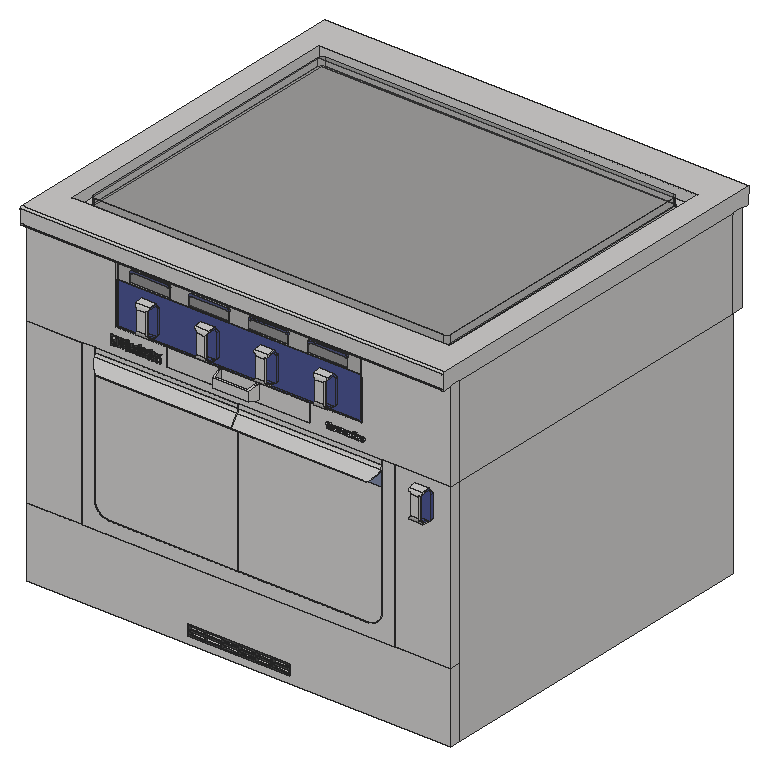
Revit family "QF_ELECTROLUXPROFESSIONAL_589704_MCLQFAJ4AO", category Attrezzature speciali, Revit 2020
Family settings
  Quota connettore circolare = Usa diametro
  Tipo di parte = Normale
  Basato su piano di lavoro = No
  Sempre verticale = Sì
  Taglio con vuoti quando caricato = No
  Condiviso = No
  Punto di calcolo locali = No
Parameters (values of type "Standard")
  Weight = 193.00 kg
  Watts = 18300 W
  Volts = 400 V
  URL Manufacturer = "https://www.electroluxprofessional.com/"
  URL = "https://www.electroluxprofessional.com/"
  Steam Supply Size = 0"
  Steam Supply Minimum Pressure = 0.00 psi
  Steam Supply Maximum Pressure = 0.00 psi
  Steam Consumption per Hour = 0
  Refrigeration Suction Line Size = 0 mm
  Refrigeration Liquid Line Size = 0 mm
  Refrigerant Compressor Remote = yes
  Prospetto di default = 0 mm
  Phase = 3
  Modello = "MCLQFAJ4AO"
  Produttore = "Electrolux Professional"
  Length Actual = 1000 mm  # constant formula
  Item Number = "589704"
  Hot Water Size = 0"
  Height Actual = 800 mm  # constant formula
  HP = "24.5 HP"
  Gas Size = 0"
  Gas KW = 0
  Gas Input Pressure = 0.0 Btu/h
  Direct Waste Size = 0"
  Descrizione = "EL.SOLID T,ECO,WARM.CAB.1S,1000X900X800H"
  Depth Actual = 900 mm  # constant formula
  Cycle = 50 Hz
  Condensate Return Size = 0"
  Compressed Air Volume = 0 GPM
  Compressed Air Size = 0"
  Compressed Air Pressure = 0.00 psi
  Cold Water Size = 0"
  Accessory = yes
Reference planes
  plane 1 "BACK": y = 0
  plane 2: z = 0
  plane 3 "LEFT": x = -100
  plane 4 "RIGHT": x = 900
  plane 5 "FRONT": y = -900
  plane 6 "TOP": z = 900
  plane 7 "Center (Left/Right)": x = 400
  plane 8: y = -450
  plane 9: z = 100
  plane 10: y = -150
  plane 11 "Panel": y = -855
  plane 12: z = 798
  plane 13: z = 1327
  plane 14: x = -22
  plane 15: x = 822
  plane 16: y = -150
  plane 17: y = -650
  plane 18 "EIx": x = 855
  plane 19 "EIy": y = -685
  plane 20: y = -880
  plane 21: z = 938
Forms (mm)
  Extrusion 1, solid, material "QF_Finishes_Stainless Steel"
    sketch origin (-178.969, -4572, 100) x (-1, 0, 0) y (0, -1, 0)
      loop
        line (-78.969, -4527) -> (-78.969, -3717) -> (-1078.969, -3717) -> (-1078.969, -4527) -> (-78.969, -4527)
    from 549.969 to 762.969
  Extrusion 2, solid, material "QF_Finishes_Stainless Steel"
    sketch origin (-100, 0, -100) x (0, 1, 0) y (0, 0, 1)
      loop
        line (-855, 200) -> (-855, 365) -> (-880, 365) -> (-880, 200) -> (-855, 200)
    from 0 to 1000
  Extrusion 3, solid, material "QF_Finishes_Stainless Steel"
    sketch origin (-488.969, -4662, 100) x (-1, 0, 0) y (0, -1, 0)
      loop
        circle (-1343.969, -3977) r 6.35
    from 0 to -11.851
  Extrusion 4, solid, material "QF_Finishes_Stainless Steel"
    sketch origin (400, 296.4, 1219.2) x (0, 1, 0) y (0, 0, 1)
      loop
        line (-296.4, -319.2) -> (-1191.4, -319.2)
        arc (-1191.4, -319.2) -> (-1194.935, -320.664) -> (-1196.4, -324.2) r 5
        line (-1196.4, -324.2) -> (-1196.4, -355.2)
        arc (-1196.4, -355.2) -> (-1194.971, -358.264) -> (-1191.705, -359.139) r 4
        line (-1191.705, -359.139) -> (-1176.4, -356.231) -> (-316.4, -356.231) -> (-301.094, -359.139)
        arc (-301.094, -359.139) -> (-297.829, -358.264) -> (-296.4, -355.2) r 4
        line (-296.4, -355.2) -> (-296.4, -319.2)
    from -500 to 500
  Extrusion 5, solid, material "QF_Finishes_Electrolux_Black Smoke Iluminated"
    sketch origin (0, 0, 900) x (-1, 0, 0) y (0, -1, 0)
      loop
        arc (12, 109) -> (19.071, 111.929) -> (22, 119) r 10
        line (22, 119) -> (22, 780)
        arc (22, 780) -> (19.071, 787.071) -> (12, 790) r 10
        line (12, 790) -> (-812, 790)
        arc (-812, 790) -> (-819.071, 787.071) -> (-822, 780) r 10
        line (-822, 780) -> (-822, 119)
        arc (-822, 119) -> (-819.071, 111.929) -> (-812, 109) r 10
        line (-812, 109) -> (12, 109)
    from 0 to -20
  Extrusion 6, solid, material "QF_Finishes_Stainless Steel"
    sketch origin (-178.969, -4572, 100) x (-1, 0, 0) y (0, -1, 0)
      loop
        line (-78.969, -4527) -> (-78.969, -3717) -> (-1078.969, -3717) -> (-1078.969, -4527) -> (-78.969, -4527)
    from 549.969 to 0
  Extrusion 7, void
    sketch origin (0, -855, -100) x (-1, 0, 0) y (0, 0, 1)
      loop
        line (-520, 216.594) -> (-280, 216.594) -> (-280, 241.594) -> (-520, 241.594) -> (-520, 216.594)
    from 0 to -25
  Extrusion 8, solid, material "QF_Finishes_Black"
    sketch origin (0, -855, -100) x (-1, 0, 0) y (0, 0, 1)
      loop
        line (-280, 241.594) -> (-520, 241.594) -> (-520, 216.594) -> (-280, 216.594) -> (-280, 241.594)
      loop
        line (-282, 239.594) -> (-319.131, 239.594) -> (-319.131, 230.094) -> (-282, 230.094) -> (-282, 239.594)
      loop
        line (-282, 218.594) -> (-282, 228.094) -> (-319.131, 228.094) -> (-319.131, 218.594) -> (-282, 218.594)
      loop
        line (-321.131, 239.594) -> (-359.066, 239.594) -> (-359.066, 230.094) -> (-321.131, 230.094) -> (-321.131, 239.594)
      loop
        line (-399, 239.594) -> (-399, 230.094) -> (-361.066, 230.094) -> (-361.066, 239.594) -> (-399, 239.594)
      loop
        line (-401, 239.594) -> (-438.934, 239.594) -> (-438.934, 230.094) -> (-401, 230.094) -> (-401, 239.594)
      loop
        line (-359.066, 218.594) -> (-321.131, 218.594) -> (-321.131, 228.094) -> (-359.066, 228.094) -> (-359.066, 218.594)
      loop
        line (-361.066, 218.594) -> (-361.066, 228.094) -> (-399, 228.094) -> (-399, 218.594) -> (-361.066, 218.594)
      loop
        line (-401, 228.094) -> (-438.934, 228.094) -> (-438.934, 218.594) -> (-401, 218.594) -> (-401, 228.094)
      loop
        line (-518, 239.594) -> (-518, 230.094) -> (-480.869, 230.094) -> (-480.869, 239.594) -> (-518, 239.594)
      loop
        line (-518, 218.594) -> (-480.869, 218.594) -> (-480.869, 228.094) -> (-518, 228.094) -> (-518, 218.594)
      loop
        line (-478.869, 239.594) -> (-478.869, 230.094) -> (-440.934, 230.094) -> (-440.934, 239.594) -> (-478.869, 239.594)
      loop
        line (-440.934, 218.594) -> (-440.934, 228.094) -> (-478.869, 228.094) -> (-478.869, 218.594) -> (-440.934, 218.594)
    from -25.03 to -20
  Extrusion 9, void
    sketch origin (0, 0, 900) x (-1, 0, 0) y (0, -1, 0)
      loop
        line (47, 815) -> (-847, 815) -> (-847, 84) -> (47, 84) -> (47, 815)
    from 0 to -25
  Extrusion 10, solid, material "QF_Finishes_Stainless Steel"
    sketch origin (0, 0, 900) x (-1, 0, 0) y (0, -1, 0)
      loop
        line (18, 113) -> (18, 786) -> (-818, 786) -> (-818, 113) -> (18, 113)
    from -20 to -25
  Extrusion 11, solid, material "QF_Finishes_Stainless Steel"
    sketch origin (400, 296.4, 1219.169) x (0, 1, 0) y (0, 0, 1)
      loop
        line (-341.4, -356.2) -> (-341.4, -569.2) -> (-316.4, -569.2) -> (-316.4, -356.2) -> (-341.4, -356.2)
    from -500 to 500
  Extrusion 12, solid, material "QF_Finishes_Stainless Steel"
    sketch origin (0, -900, 0) x (1, 0, 0) y (0, 0, 1)
      loop
        line (-100, 649.969) -> (-100, 265) -> (30, 265) -> (30, 649.969) -> (-100, 649.969)
      loop
        line (900, 650) -> (770, 650) -> (770, 265) -> (900, 265) -> (900, 650)
    from -45 to -20
  Extrusion 13, solid, material "QF_Finishes_Stainless Steel"
    sketch origin (0, -900, 0) x (1, 0, 0) y (0, 0, 1)
      loop
        line (32, 265) -> (768, 265) -> (768, 650) -> (740, 650) -> (740, 327)
        arc (740, 327) -> (730.627, 304.373) -> (708, 295) r 32
        line (708, 295) -> (92, 295)
        arc (92, 295) -> (69.373, 304.373) -> (60, 327) r 32
        line (60, 327) -> (60, 649.969) -> (32, 649.969) -> (32, 265)
    from -45 to -20
Cuts and joins
  Extrusion 7 cuts Extrusion 6
  Extrusion 7 cuts Extrusion 2
  Extrusion 9 cuts Extrusion 4
Lines and regions (mm)
  symbolic lines
    curve 1: line (-100, 0, 100) -> (900, 0, 100)
    curve 2: line (-100, -900, 100) -> (-100, 0, 100)
    curve 3: line (900, -900, 100) -> (-100, -900, 100)
    curve 4: line (900, 0, 100) -> (900, -900, 100)
    curve 5: line (812, -109, 100) -> (-12, -109, 100)
    curve 6: line (-22, -119, 100) -> (-22, -780, 100)
    curve 7: line (-12, -790, 100) -> (812, -790, 100)
    curve 8: line (822, -780, 100) -> (822, -119, 100)
    curve 9: arc (-12, -109, 100) -> (-19.071, -111.929, 100) -> (-22, -119, 100) r 10
    curve 10: arc (822, -119, 100) -> (819.071, -111.929, 100) -> (812, -109, 100) r 10
    curve 11: arc (812, -790, 100) -> (819.071, -787.071, 100) -> (822, -780, 100) r 10
    curve 12: arc (-22, -780, 100) -> (-19.071, -787.071, 100) -> (-12, -790, 100) r 10
    curve 13: line (847, -84, 900) -> (-47, -84, 900)
    curve 14: line (-47, -84, 900) -> (-47, -815, 900)
    curve 15: line (847, -815, 900) -> (847, -84, 900)
    curve 16: line (-47, -815, 900) -> (847, -815, 900)
  model lines, style "SpecialityEquipment"
    curve 17: arc (634, -211, 900) -> (580.967, -339.033, 900) -> (709, -286, 900) r 75
    curve 18: line (689, -286, 900) -> (729, -286, 900)
    curve 19: line (729, -286, 900) -> (709, -266, 900)
    curve 20: line (689, -286, 900) -> (709, -266, 900)
    curve 21: arc (166, -211, 900) -> (112.967, -339.033, 900) -> (241, -286, 900) r 75
    curve 22: line (221, -286, 900) -> (261, -286, 900)
    curve 23: line (261, -286, 900) -> (241, -266, 900)
    curve 24: line (221, -286, 900) -> (241, -266, 900)
    curve 25: arc (634, -539, 900) -> (580.967, -667.033, 900) -> (709, -614, 900) r 75
    curve 26: line (689, -614, 900) -> (729, -614, 900)
    curve 27: line (729, -614, 900) -> (709, -594, 900)
    curve 28: line (689, -614, 900) -> (709, -594, 900)
    curve 29: arc (166, -539, 900) -> (112.967, -667.033, 900) -> (241, -614, 900) r 75
    curve 30: line (221, -614, 900) -> (261, -614, 900)
    curve 31: line (261, -614, 900) -> (241, -594, 900)
    curve 32: line (221, -614, 900) -> (241, -594, 900)
  symbolic lines, style "SpecialityEquipment"
    curve 33: line (-100, -2, 0) -> (900, -2, 0)
Dimensions and locks
  plane 3 "LEFT" to plane 4 "RIGHT" = 1000 mm
  plane 5 "FRONT" to plane 1 "BACK" = 900 mm
  plane 3 "LEFT" to plane 7 "Center (Left/Right)" to plane 4 "RIGHT" = 500 mm, 500 mm
  equal spacing: plane 5 "FRONT", plane 8, plane 1 "BACK"
  plane 6 "TOP" to level = 900 mm  (x2)
  plane 9 to level = 100 mm
  plane 1 "BACK" to plane 10 to plane 11 "Panel" = 150 mm, 705 mm  (x2)
  plane 6 "TOP" to plane 9 to level = 800 mm, 100 mm
  plane 1 "BACK" to plane 5 "FRONT" = 900 mm
  plane 1 "BACK" to Extrusion 3 = 685 mm
  plane 12 to plane 9 = 698 mm
  plane 13 to plane 6 "TOP" = 427 mm
  plane 6 "TOP" to plane 12 = 102 mm
  plane 14 to plane 3 "LEFT" = 78 mm
  plane 15 to plane 4 "RIGHT" = 78 mm
  locked: plane 1 "BACK" to plane 16 at 150
  locked: plane 16 to plane 17 at 500
  plane 11 "Panel" to plane 5 "FRONT" = 45 mm
  plane 18 "EIx" to plane 4 "RIGHT" = 45 mm
  plane 19 "EIy" to plane 1 "BACK" = 685 mm
  locked: plane 11 "Panel" to plane 20 at 25
  plane 21 to plane 6 "TOP" = 38 mm
  aligned and locked: level to plane 2
  aligned and locked: Extrusion 2 to plane 4 "RIGHT"
  aligned and locked: cut or joined group of Extrusion 4, Extrusion 9 to plane 3 "LEFT"
  aligned and locked: cut or joined group of Extrusion 4, Extrusion 9 to plane 4 "RIGHT"
  aligned and locked: cut or joined group of Extrusion 6, Extrusion 7 to plane 4 "RIGHT"
  aligned and locked: cut or joined group of Extrusion 6, Extrusion 7 to plane 3 "LEFT"
  aligned and locked: nested 2 to plane 11 "Panel"
  aligned and locked: Extrusion 1 to plane 11 "Panel"
  aligned and locked: plane 11 "Panel" to cut or joined group of Extrusion 2, Extrusion 7
  aligned and locked: nested 1 to plane 20
  aligned and locked: Extrusion 11 to plane 4 "RIGHT"
  aligned and locked: Extrusion 1 to plane 3 "LEFT"
  aligned and locked: Extrusion 11 to plane 3 "LEFT"
  aligned and locked: Extrusion 1 to plane 4 "RIGHT"
  aligned and locked: plane 7 "Center (Left/Right)" to nested 3
  aligned and locked: Extrusion 12 to nested 2
  aligned and locked: plane 20 to Extrusion 12
  aligned and locked: plane 11 "Panel" to Extrusion 13
  aligned and locked: plane 20 to Extrusion 13
Automatic sketch dimensions
  curve 33 to plane 3 "LEFT" = 0 mm
  curve 33 to plane 4 "RIGHT" = 0 mm
  plane 1 "BACK" to curve 33 = 2 mm
  Extrusion 1 sketch curve to plane 4 "RIGHT" = 0 mm
  Extrusion 1 sketch curve to plane 3 "LEFT" = 0 mm
  Extrusion 1 sketch curve to plane 11 "Panel" = 0 mm
  plane 1 "BACK" to Extrusion 1 sketch curve = 45 mm
  Extrusion 2 sketch curve to plane 9 = 0 mm
  Extrusion 2 sketch curve to plane 20 = 0 mm
  Extrusion 2 sketch curve to plane 11 "Panel" = 0 mm
  plane 9 to Extrusion 2 sketch curve = 165 mm
  plane 1 "BACK" to curve 1 = 0 mm
  curve 1 to plane 4 "RIGHT" = 0 mm
  curve 8 to plane 15 = 0 mm
  curve 6 to plane 14 = 0 mm
  curve 2 to plane 3 "LEFT" = 0 mm
  plane 5 "FRONT" to curve 3 = 0 mm
  plane 15 to curve 5 = 10 mm
  plane 15 to curve 11 = 10 mm
  curve 5 to plane 14 = 10 mm
  curve 12 to curve 12 = 10 mm
  plane 10 to curve 5 = 41 mm
  plane 11 "Panel" to curve 11 = 75 mm
  Extrusion 3 sketch curve to plane 18 "EIx" = 0 mm
  Extrusion 3 sketch curve to plane 19 "EIy" = 0 mm
  Extrusion 4 sketch curve to plane 5 "FRONT" = 0 mm
  Extrusion 4 sketch curve to plane 6 "TOP" = 0 mm
  Extrusion 4 sketch curve to plane 20 = 0 mm
  Extrusion 4 sketch curve to plane 1 "BACK" = 0 mm
  Extrusion 4 sketch curve to Extrusion 4 sketch curve = 4 mm
  Extrusion 4 sketch curve to Extrusion 4 sketch curve = 0.695 mm
  Extrusion 4 sketch curve to plane 5 "FRONT" = 5 mm
  plane 1 "BACK" to Extrusion 4 sketch curve = 20 mm
  plane 1 "BACK" to Extrusion 4 sketch curve = 4.695 mm
  plane 1 "BACK" to Extrusion 4 sketch curve = 4 mm
  Extrusion 4 sketch curve to Extrusion 4 sketch curve = 31 mm
  Extrusion 4 sketch curve to Extrusion 4 sketch curve = 36 mm
  Extrusion 4 sketch curve to Extrusion 4 sketch curve = 2.909 mm
  Extrusion 5 sketch curve to plane 15 = 0 mm
  Extrusion 5 sketch curve to plane 14 = 0 mm
  plane 15 to Extrusion 5 sketch curve = 10 mm  (x2)
  Extrusion 5 sketch curve to Extrusion 5 sketch curve = 10 mm  (x2)
  plane 10 to Extrusion 5 sketch curve = 41 mm
  plane 11 "Panel" to Extrusion 5 sketch curve = 75 mm
  Extrusion 6 sketch curve to plane 4 "RIGHT" = 0 mm
  Extrusion 6 sketch curve to plane 3 "LEFT" = 0 mm
  Extrusion 6 sketch curve to plane 11 "Panel" = 0 mm
  plane 1 "BACK" to Extrusion 6 sketch curve = 45 mm
  plane 9 to Extrusion 7 sketch curve = 41.594 mm
  plane 7 "Center (Left/Right)" to Extrusion 7 sketch curve = 120 mm
  Extrusion 7 sketch curve to plane 7 "Center (Left/Right)" = 120 mm
  plane 9 to Extrusion 7 sketch curve = 16.594 mm
  plane 9 to Extrusion 8 sketch curve = 41.594 mm
  plane 7 "Center (Left/Right)" to Extrusion 8 sketch curve = 120 mm
  Extrusion 8 sketch curve to Extrusion 8 sketch curve = 2 mm  (x15)
  Extrusion 8 sketch curve to Extrusion 8 sketch curve = 0 mm  (x16)
  Extrusion 8 sketch curve to Extrusion 8 sketch curve = 37.131 mm  (x2)
  Extrusion 8 sketch curve to Extrusion 8 sketch curve = 37.934 mm  (x3)
  plane 7 "Center (Left/Right)" to Extrusion 8 sketch curve = 1 mm  (x2)
  Extrusion 8 sketch curve to plane 7 "Center (Left/Right)" = 1 mm  (x2)
  plane 9 to Extrusion 8 sketch curve = 18.594 mm  (x4)
  Extrusion 8 sketch curve to Extrusion 8 sketch curve = 9.5 mm  (x6)
  plane 18 "EIx" to Extrusion 9 sketch curve = 8 mm
  plane 14 to Extrusion 9 sketch curve = 25 mm
  plane 10 to Extrusion 9 sketch curve = 66 mm
  plane 11 "Panel" to Extrusion 9 sketch curve = 40 mm
  plane 15 to Extrusion 10 sketch curve = 4 mm
  Extrusion 10 sketch curve to plane 14 = 4 mm
  plane 10 to Extrusion 10 sketch curve = 37 mm
  plane 11 "Panel" to Extrusion 10 sketch curve = 69 mm
  plane 18 "EIx" to curve 16 = 8 mm
  plane 15 to curve 19 = 93 mm
  curve 27 to plane 17 = 36 mm
  plane 15 to curve 27 = 93 mm
  curve 26 to curve 27 = 20 mm
  curve 18 to curve 20 = 20 mm
  curve 19 to curve 20 = 20 mm
  curve 28 to curve 26 = 20 mm
  curve 18 to curve 17 = 55 mm
  curve 26 to curve 25 = 55 mm
  curve 31 to plane 17 = 36 mm
  curve 31 to plane 7 "Center (Left/Right)" = 139 mm
  curve 23 to plane 7 "Center (Left/Right)" = 139 mm
  curve 22 to curve 24 = 20 mm
  curve 30 to curve 31 = 20 mm
  curve 32 to curve 32 = 20 mm
  curve 23 to curve 24 = 20 mm
  curve 22 to curve 21 = 55 mm
  curve 30 to curve 29 = 55 mm
  plane 14 to curve 14 = 25 mm
  curve 22 to plane 10 = 136 mm
  curve 18 to plane 10 = 136 mm
  plane 10 to curve 13 = 66 mm
  plane 11 "Panel" to curve 15 = 40 mm
  curve 25 to curve 26 = 20 mm
  curve 17 to curve 18 = 20 mm
  curve 29 to curve 30 = 20 mm
  curve 21 to curve 22 = 20 mm
  plane 1 "BACK" to Extrusion 11 sketch curve = 45 mm
  plane 1 "BACK" to Extrusion 11 sketch curve = 20 mm
  Extrusion 11 sketch curve to plane 12 = 148.031 mm
  Extrusion 11 sketch curve to plane 6 "TOP" = 37.031 mm
  Extrusion 12 sketch curve to plane 3 "LEFT" = 0 mm
  plane 4 "RIGHT" to Extrusion 12 sketch curve = 0 mm
  Extrusion 12 sketch curve to plane 14 = 52 mm
  plane 15 to Extrusion 12 sketch curve = 52 mm
  plane 9 to Extrusion 12 sketch curve = 165 mm  (x2)
  Extrusion 12 sketch curve to plane 12 = 148.031 mm
  Extrusion 12 sketch curve to plane 12 = 148 mm
  Extrusion 13 sketch curve to plane 14 = 54 mm
  Extrusion 13 sketch curve to Extrusion 13 sketch curve = 28 mm
  Extrusion 13 sketch curve to Extrusion 13 sketch curve = 32 mm  (x2)
  plane 15 to Extrusion 13 sketch curve = 114 mm
  plane 15 to Extrusion 13 sketch curve = 54 mm
  plane 9 to Extrusion 13 sketch curve = 165 mm
  Extrusion 13 sketch curve to Extrusion 13 sketch curve = 30 mm
  Extrusion 13 sketch curve to plane 12 = 148.031 mm
  Extrusion 13 sketch curve to plane 12 = 148 mm
  radius of Extrusion 3 sketch curve = 6.35 mm
Nested families
  nested 1: "FIT Range Control Handle" at (835, -883.137, -372.751), type "FIT Range Control Handle"
  nested 2: "Front_Panel_W1000_Four Knobs" at (102.376, -855, 0), type "Front_Panel_W1000_Four Knobs"
  nested 3: "H450H2W1000_2DOOR" at (363.958, -855, 200) x (1, 0, 0) z (0, -1, 0), type "H450H2W1000_2DOOR"
    with Width 680 mm, Wdoor 340 mm, Show Clearance yes
  nested 4: "Warm" at (900, -900, 0), type "Warm"
Connectors
  electrical at (855, -685, 88.149)
    settings: on Extrusion 3, index 1, voltage 400 V, apparent load 33000 VA, apparent load phase1 0 VA, apparent load phase2 0 VA, apparent load phase3 0 VA, power factor 1, load classification "Other", number of poles 1, system type 30, power factor state 1, is connector primary yes, connector utility no, sub classification motor no, connector description "ELECTRICAL CONNECTION"
Definition of nested family "FIT Range Control Handle"
  Parameters
    Default Elevation = 0 mm
  Reference planes
    plane 1 "Center (Front/Back)": y = 0
    plane 2: z = 0
    plane 3 "Center (Left/Right)": x = 0
    plane 4: z = 971.092
    plane 5: y = -16.8
  Forms (mm)
    Extrusion 1, solid
      sketch origin (-746.28, 380.497, 208.931) x (-1, 0, 0) y (0, 0, 1)
        loop
          line (-770.101, 786.798) -> (-770.101, 731.649)
          arc (-770.101, 731.649) -> (-769.759, 730.563) -> (-768.855, 729.87) r 1.893
          line (-768.855, 729.87) -> (-763.474, 727.911) -> (-729.81, 727.911) -> (-724.428, 729.87)
          arc (-724.428, 729.87) -> (-723.525, 730.563) -> (-723.183, 731.649) r 1.893
          line (-723.183, 731.649) -> (-723.183, 786.798)
          arc (-723.183, 786.798) -> (-723.529, 787.894) -> (-724.44, 788.593) r 1.91
          line (-724.44, 788.593) -> (-729.683, 790.819) -> (-763.601, 790.819) -> (-768.844, 788.593)
          arc (-768.844, 788.593) -> (-769.755, 787.894) -> (-770.101, 786.798) r 1.91
      from -382.35 to -378.852
    Sweep 2, solid
      path origin (-746.788, 380.496, 208.091) x (0, -1, 0) y (0, 0, 1)
        loop
          line (379.775, 793.281) -> (395.661, 791.048)
          arc (395.661, 791.048) -> (397.781, 787.377) -> (398.517, 783.202) r 12.207
          line (398.517, 783.202) -> (398.517, 737.368)
          arc (398.517, 737.368) -> (397.781, 733.193) -> (395.661, 729.522) r 12.207
          line (395.661, 729.522) -> (379.775, 727.289)
      profile origin (-746.788, -7.222, 1000.256) x (0, -0.139173, 0.990268) y (-1, 0, 0)
        loop
          line (0.782, -763.123) -> (0.782, -730.907) -> (-1.322, -730.907) -> (-1.322, -763.123) -> (0.782, -763.123)
    Sweep 3, solid
      path origin (-746.788, 380.715, 207.832) x (0, -1, 0) y (0, 0, 1)
        loop
          line (380.478, 795.442) -> (397.218, 793.09)
          arc (397.218, 793.09) -> (399.929, 788.473) -> (400.871, 783.202) r 15.207
          line (400.871, 783.202) -> (400.871, 737.584)
          arc (400.871, 737.584) -> (399.914, 732.274) -> (397.164, 727.633) r 15.207
          line (397.164, 727.633) -> (380.601, 725.305)
      profile origin (-746.788, -8.132, 1002.099) x (0, -0.139173, 0.990268) y (-1, 0, 0)
        loop
          line (0.782, -763.123) -> (0.782, -730.907) -> (-1.322, -730.907) -> (-1.322, -763.123) -> (0.782, -763.123)
    Extrusion 4, void
      sketch origin (889.253, 220.666, 207.993) x (1, 0, 0) y (0, 0, 1)
        loop
          line (-943.038, 816.854) -> (-943.038, 703.686) -> (-899.466, 734.196) -> (-899.466, 786.344) -> (-943.038, 816.854)
      from 230.636 to 242.25
    Extrusion 5, void
      sketch origin (-888.8, 220.666, 207.993) x (-1, 0, 0) y (0, 0, -1)
        loop
          line (-943.038, -816.854) -> (-899.466, -786.344) -> (-899.466, -734.196) -> (-943.038, -703.686) -> (-943.038, -816.854)
      from 230.636 to 242.25
    Extrusion 6, solid
      sketch origin (0, 0, 0) x (1, 0, 0) y (0, 0, 1)
        loop
          circle (0, 971.092) r 7.736
      from -3.137 to -1.645
  Cuts and joins
    Extrusion 4, Extrusion 5 cuts Sweep 3
    Extrusion 4, Extrusion 5 cuts Sweep 2
    joined: Extrusion 1, Extrusion 6
  Lines and regions (mm)
    symbolic lines
      curve 1: line (-15.881, -19.189, 0) -> (-15.881, -16.8, 0)
      curve 2: line (16.334, -19.189, 0) -> (16.334, -16.8, 0)
      curve 3: spline (-15.881, -19.189, 0) -> (-15.417, -19.349, 0) -> (-14.951, -19.501, 0) -> (-14.483, -19.646, 0) -> (-14.014, -19.783, 0) -> (-13.543, -19.912, 0) -> (-13.071, -20.033, 0) -> (-12.597, -20.146, 0) -> (-12.122, -20.251, 0) -> (-11.646, -20.349, 0) -> (-11.169, -20.438, 0) -> (-10.691, -20.52, 0) -> (-10.213, -20.593, 0)
      curve 4: spline (10.666, -20.593, 0) -> (11.144, -20.52, 0) -> (11.622, -20.438, 0) -> (12.099, -20.349, 0) -> (12.575, -20.251, 0) -> (13.05, -20.146, 0) -> (13.524, -20.033, 0) -> (13.996, -19.912, 0) -> (14.467, -19.783, 0) -> (14.936, -19.646, 0) -> (15.404, -19.501, 0) -> (15.87, -19.349, 0) -> (16.334, -19.189, 0)
      curve 5: line (-10.213, -20.938, 0) -> (10.716, -20.938, 0)
  Dimensions and locks
    cut or joined group of Sweep 3, Extrusion 4, Extrusion 5 to cut or joined group of Sweep 3, Extrusion 4, Extrusion 5 = 71.686 mm
Definition of nested family "Front_Panel_W1000_Four Knobs"
  Parameters
    Default Elevation = 0 mm
  Reference planes
    plane 1 "Center (Front/Back)": y = 0
    plane 2: z = 0
    plane 3 "Center (Left/Right)": x = 297.624
    plane 4 "Left": x = -202.376
    plane 5 "Right": x = 797.624
    plane 6: y = -45
    plane 7: x = 87.624
    plane 8: x = 227.624
    plane 9: y = -310
    plane 10: y = -25
    plane 11: x = -2.376
    plane 12: x = 367.624
    plane 13: x = 507.624
    plane 14: x = 594.715
  Forms (mm)
    Extrusion 1, solid
      sketch origin (833.217, 829.203, -1.25) x (0, 1, 0) y (0, 0, 1)
        loop
          line (-854.203, 651.25) -> (-829.203, 651.25) -> (-829.203, 864.25) -> (-854.203, 864.25) -> (-854.203, 651.25)
      from -1035.593 to -35.593
    Extrusion 2, void
      sketch origin (0, 0, 0) x (1, 0, 0) y (0, 0, 1)
        loop
          line (7.624, 853.866) -> (7.624, 711.866) -> (587.624, 711.866) -> (587.624, 853.866) -> (7.624, 853.866)
      from 19.387 to 33.951
    Extrusion 3, void
      sketch origin (0, 0, 0) x (1, 0, 0) y (0, 0, 1)
        loop
          line (128.624, 711.866) -> (128.624, 668.866) -> (466.624, 668.866) -> (466.624, 711.866) -> (128.624, 711.866)
      from 19.387 to 25
    Extrusion 4, solid
      sketch origin (150, 0, 1) x (1, 0, 0) y (0, 0, 1)
        loop
          line (-21.376, 710.866) -> (-21.376, 667.866) -> (316.624, 667.866) -> (316.624, 710.866) -> (-21.376, 710.866)
      from 19.387 to 25
    Extrusion 5, solid
      sketch origin (150, 0, 1) x (1, 0, 0) y (0, 1, 0)
        loop
          line (106.059, -25) -> (100.966, -25) -> (105.646, -49.075) -> (189.603, -49.075) -> (194.283, -25) -> (189.189, -25) -> (185.481, -44.075) -> (109.767, -44.075) -> (106.059, -25)
      from 672.593 to 705.67
    Extrusion 6, void
      sketch origin (297.624, 0, 1) x (0, 1, 0) y (0, 0, 1)
        loop
          line (-30, 705.67) -> (-30, 710.67) -> (-56.744, 710.67) -> (-56.744, 667.593) -> (-30, 667.593) -> (-30, 672.593) -> (-53.776, 680.318) -> (-53.776, 697.945) -> (-30, 705.67)
      from -50 to 50
    Extrusion 7, solid, detail levels coarse
      sketch origin (150, -265, 1) x (1, 0, 0) y (0, 1, 0)
        loop
          line (106.164, -71.744) -> (189.084, -71.744) -> (194.283, -45) -> (316.624, -45) -> (316.624, 240) -> (-21.376, 240) -> (-21.376, -45) -> (100.966, -45) -> (106.164, -71.744)
      from 672.593 to 705.67
    Extrusion 8, void
      sketch origin (297.624, -280, 1) x (0, 1, 0) y (0, 0, 1)
        loop
          line (-30, 705.67) -> (-30, 710.67) -> (-56.744, 710.67) -> (-56.744, 667.593) -> (-30, 667.593) -> (-30, 672.593) -> (-53.776, 680.318) -> (-53.776, 697.945) -> (-30, 705.67)
      from -50 to 50
  Cuts and joins
    Extrusion 2, Extrusion 3 cuts Extrusion 1
    Extrusion 6 cuts Extrusion 5
    Extrusion 6, Extrusion 8 cuts Extrusion 7
  Lines and regions (mm)
    symbolic lines
      curve 1: line (128.624, -45, 0) -> (128.624, -310, 0)
      curve 2: line (128.624, -310, 0) -> (466.624, -310, 0)
      curve 3: line (466.624, -310, 0) -> (466.624, -45, 0)
      curve 4: line (128.624, -300, 0) -> (466.624, -300, 0)
      curve 5: line (250.908, -309.701, 0) -> (255.587, -333.776, 0)
      curve 6: line (255.587, -333.776, 0) -> (339.545, -333.776, 0)
      curve 7: line (339.545, -333.776, 0) -> (344.225, -309.701, 0)
      curve 8: line (256.001, -309.701, 0) -> (259.709, -328.776, 0)
      curve 9: line (259.709, -328.776, 0) -> (335.423, -328.776, 0)
      curve 10: line (335.423, -328.776, 0) -> (339.131, -309.701, 0)
  Dimensions and locks
    equal spacing: plane 5 "Right", plane 3 "Center (Left/Right)", plane 4 "Left"
    plane 5 "Right" to plane 4 "Left" = 1000 mm
    plane 3 "Center (Left/Right)" to plane 7 = 210 mm
    plane 3 "Center (Left/Right)" to plane 8 = 70 mm
    plane 6 to plane 9 = 265 mm
    plane 13 to plane 3 "Center (Left/Right)" = 210 mm
    plane 12 to plane 3 "Center (Left/Right)" = 70 mm
    aligned and locked: cut or joined group of Extrusion 1, Extrusion 2, Extrusion 3 to plane 4 "Left"
    aligned and locked: plane 5 "Right" to cut or joined group of Extrusion 1, Extrusion 2, Extrusion 3
    aligned and locked: plane 3 "Center (Left/Right)" to nested 2
    aligned and locked: cut or joined group of Extrusion 1, Extrusion 2, Extrusion 3 to nested 2
  Automatic sketch dimensions
    plane 7 to Extrusion 3 sketch curve = 41 mm
    plane 3 "Center (Left/Right)" to Extrusion 3 sketch curve = 169 mm
    level to Extrusion 3 sketch curve = 668.866 mm
    Extrusion 3 sketch curve to Extrusion 3 sketch curve = 43 mm
    Extrusion 1 sketch curve to plane 1 "Center (Front/Back)" = 0 mm
    level to Extrusion 1 sketch curve = 650 mm
    plane 4 "Left" to Extrusion 2 sketch curve = 210 mm
    Extrusion 2 sketch curve to plane 5 "Right" = 210 mm
    level to Extrusion 2 sketch curve = 711.866 mm
    Extrusion 2 sketch curve to Extrusion 2 sketch curve = 142 mm
    plane 6 to curve 1 = 0 mm
    plane 6 to curve 3 = 0 mm
    plane 9 to curve 1 = 0 mm
    plane 7 to curve 1 = 41 mm
    curve 1 to curve 4 = 10 mm
    Extrusion 1 sketch curve to plane 6 = 20 mm
    Extrusion 1 sketch curve to Extrusion 1 sketch curve = 213 mm
    plane 7 to Extrusion 4 sketch curve = 41 mm
    Extrusion 4 sketch curve to plane 13 = 41 mm
    level to Extrusion 4 sketch curve = 668.866 mm
    Extrusion 4 sketch curve to Extrusion 4 sketch curve = 43 mm
    plane 10 to Extrusion 5 sketch curve = 0 mm  (x2)
    plane 8 to Extrusion 5 sketch curve = 23.342 mm
    plane 6 to Extrusion 5 sketch curve = 4.075 mm
    Extrusion 5 sketch curve to Extrusion 5 sketch curve = 4.68 mm
    Extrusion 5 sketch curve to Extrusion 5 sketch curve = 5.094 mm  (x2)
    Extrusion 5 sketch curve to plane 6 = 0.925 mm
    Extrusion 5 sketch curve to Extrusion 5 sketch curve = 4.122 mm  (x2)
    Extrusion 5 sketch curve to plane 12 = 32.143 mm
    Extrusion 5 sketch curve to Extrusion 5 sketch curve = 3.708 mm
    plane 6 to Extrusion 6 sketch curve = 11.744 mm
    plane 6 to Extrusion 6 sketch curve = 8.776 mm
    plane 10 to Extrusion 6 sketch curve = 5 mm  (x2)
    level to Extrusion 6 sketch curve = 668.593 mm
    Extrusion 6 sketch curve to Extrusion 6 sketch curve = 5 mm
    Extrusion 6 sketch curve to Extrusion 6 sketch curve = 12.725 mm  (x2)
    Extrusion 6 sketch curve to Extrusion 6 sketch curve = 17.627 mm
    Extrusion 6 sketch curve to Extrusion 6 sketch curve = 7.725 mm
    plane 10 to Extrusion 7 sketch curve = 0 mm
    Extrusion 7 sketch curve to plane 9 = 0 mm  (x2)
    plane 7 to Extrusion 7 sketch curve = 41 mm
    plane 8 to Extrusion 7 sketch curve = 23.342 mm
    Extrusion 7 sketch curve to Extrusion 7 sketch curve = 5.199 mm
    Extrusion 7 sketch curve to plane 12 = 28.54 mm
    Extrusion 7 sketch curve to plane 12 = 23.342 mm
    Extrusion 7 sketch curve to plane 13 = 41 mm
    Extrusion 7 sketch curve to plane 9 = 26.744 mm
    Extrusion 8 sketch curve to plane 9 = 0 mm  (x2)
    Extrusion 8 sketch curve to plane 9 = 23.776 mm
    Extrusion 8 sketch curve to Extrusion 8 sketch curve = 2.968 mm
    level to Extrusion 8 sketch curve = 668.593 mm
    Extrusion 8 sketch curve to Extrusion 8 sketch curve = 5 mm
    Extrusion 8 sketch curve to Extrusion 8 sketch curve = 12.725 mm  (x2)
    Extrusion 8 sketch curve to Extrusion 8 sketch curve = 17.627 mm
    Extrusion 8 sketch curve to Extrusion 8 sketch curve = 7.725 mm
    curve 3 to plane 13 = 41 mm
    plane 9 to curve 5 = 0.299 mm
    plane 8 to curve 5 = 23.283 mm
    curve 5 to curve 5 = 4.68 mm
    plane 9 to curve 8 = 0.299 mm
    curve 5 to curve 8 = 5.094 mm
    curve 5 to curve 9 = 4.122 mm
    curve 9 to plane 12 = 32.201 mm
    plane 9 to curve 10 = 0.299 mm
    curve 9 to curve 10 = 3.708 mm
    curve 9 to curve 7 = 4.122 mm
    plane 9 to curve 7 = 0.299 mm
    curve 10 to curve 7 = 5.094 mm
    curve 9 to plane 9 = 18.776 mm
    curve 6 to curve 8 = 5 mm
  Nested families
    nested 1: "Range Control Handle" at (87.624, -28.137, -209.113) x (-1, 0, 0) z (0, 0, 1), type "Range Control Handle"
    nested 2: "Front glass control panel W1000" at (297.624, 280.644, 2.752), type "Front glass control panel W1000"
    nested 3: "Range Control Handle" at (227.624, -28.137, -209.113) x (-1, 0, 0) z (0, 0, 1), type "Range Control Handle"
    nested 4: "Range Control Handle" at (367.624, -28.137, -209.113), type "Range Control Handle"
    nested 5: "Range Control Handle" at (507.624, -28.137, -209.113), type "Range Control Handle"
    nested 6: "ELX_ThermaLine_Small" at (546.122, -25, 679.426) x (1, 0, 0) z (0, -1, 0), type "ELX_ThermaLine_Small"
      with Show Logo yes, Material_Logo none
    nested 7: "ELX_Professional_Logo_Small" at (57.11, -25, 681.659) x (1, 0, 0) z (0, -1, 0), type "ELX_Professional_Logo_Small"
      with Show Logo yes, Material_Logo none
  Definition of nested family "Range Control Handle"
    Parameters
      Default Elevation = 0 mm
    Reference planes
      plane 1 "Center (Front/Back)": y = 0
      plane 2: z = 0
      plane 3 "Center (Left/Right)": x = 0
      plane 4: z = 971.092
      plane 5: y = -16.9
    Forms (mm)
      Extrusion 1, solid
        sketch origin (-746.28, 380.497, 208.931) x (-1, 0, 0) y (0, 0, 1)
          loop
            line (-770.101, 786.798) -> (-770.101, 731.649)
            arc (-770.101, 731.649) -> (-769.759, 730.563) -> (-768.855, 729.87) r 1.893
            line (-768.855, 729.87) -> (-763.474, 727.911) -> (-729.81, 727.911) -> (-724.428, 729.87)
            arc (-724.428, 729.87) -> (-723.525, 730.563) -> (-723.183, 731.649) r 1.893
            line (-723.183, 731.649) -> (-723.183, 786.798)
            arc (-723.183, 786.798) -> (-723.529, 787.894) -> (-724.44, 788.593) r 1.91
            line (-724.44, 788.593) -> (-729.683, 790.819) -> (-763.601, 790.819) -> (-768.844, 788.593)
            arc (-768.844, 788.593) -> (-769.755, 787.894) -> (-770.101, 786.798) r 1.91
        from -382.35 to -378.852
      Sweep 2, solid
        path origin (-746.788, 380.496, 208.091) x (0, -1, 0) y (0, 0, 1)
          loop
            line (379.775, 793.281) -> (395.661, 791.048)
            arc (395.661, 791.048) -> (397.781, 787.377) -> (398.517, 783.202) r 12.207
            line (398.517, 783.202) -> (398.517, 737.368)
            arc (398.517, 737.368) -> (397.781, 733.193) -> (395.661, 729.522) r 12.207
            line (395.661, 729.522) -> (379.775, 727.289)
        profile origin (-746.788, -7.222, 1000.256) x (0, -0.139173, 0.990268) y (-1, 0, 0)
          loop
            line (0.782, -763.123) -> (0.782, -730.907) -> (-1.322, -730.907) -> (-1.322, -763.123) -> (0.782, -763.123)
      Sweep 3, solid
        path origin (-746.788, 380.715, 207.832) x (0, -1, 0) y (0, 0, 1)
          loop
            line (380.478, 795.442) -> (397.218, 793.09)
            arc (397.218, 793.09) -> (399.929, 788.473) -> (400.871, 783.202) r 15.207
            line (400.871, 783.202) -> (400.871, 737.584)
            arc (400.871, 737.584) -> (399.914, 732.274) -> (397.164, 727.633) r 15.207
            line (397.164, 727.633) -> (380.601, 725.305)
        profile origin (-746.788, -8.132, 1002.099) x (0, -0.139173, 0.990268) y (-1, 0, 0)
          loop
            line (0.782, -763.123) -> (0.782, -730.907) -> (-1.322, -730.907) -> (-1.322, -763.123) -> (0.782, -763.123)
      Extrusion 4, void
        sketch origin (889.253, 220.666, 207.993) x (1, 0, 0) y (0, 0, 1)
          loop
            line (-943.038, 816.854) -> (-943.038, 703.686) -> (-899.466, 734.196) -> (-899.466, 786.344) -> (-943.038, 816.854)
        from 230.636 to 242.25
      Extrusion 5, void
        sketch origin (-888.8, 220.666, 207.993) x (-1, 0, 0) y (0, 0, -1)
          loop
            line (-943.038, -816.854) -> (-899.466, -786.344) -> (-899.466, -734.196) -> (-943.038, -703.686) -> (-943.038, -816.854)
        from 230.636 to 242.25
      Extrusion 6, solid
        sketch origin (0, 0, 0) x (1, 0, 0) y (0, 0, 1)
          loop
            circle (0, 971.092) r 7.736
        from -3.137 to -1.645
    Cuts and joins
      Extrusion 4, Extrusion 5 cuts Sweep 3
      Extrusion 4, Extrusion 5 cuts Sweep 2
      joined: Extrusion 1, Extrusion 6
    Lines and regions (mm)
      symbolic lines
        curve 1: line (16.334, -16.9, 0) -> (16.334, -19.227, 0)
        curve 2: spline (16.334, -19.227, 0) -> (15.87, -19.385, 0) -> (15.404, -19.536, 0) -> (14.936, -19.678, 0) -> (14.466, -19.813, 0) -> (13.995, -19.94, 0) -> (13.523, -20.059, 0) -> (13.049, -20.171, 0) -> (12.575, -20.274, 0) -> (12.099, -20.37, 0) -> (11.622, -20.458, 0) -> (11.144, -20.537, 0) -> (10.666, -20.609, 0)
        curve 3: line (10.666, -16.9, 0) -> (10.666, -20.938, 0)
        curve 4: line (-10.213, -20.938, 0) -> (10.666, -20.938, 0)
        curve 5: line (-10.213, -20.938, 0) -> (-10.213, -16.9, 0)
        curve 6: spline (-10.213, -20.609, 0) -> (-10.691, -20.537, 0) -> (-11.169, -20.458, 0) -> (-11.646, -20.37, 0) -> (-12.122, -20.274, 0) -> (-12.597, -20.171, 0) -> (-13.07, -20.059, 0) -> (-13.542, -19.94, 0) -> (-14.013, -19.813, 0) -> (-14.483, -19.678, 0) -> (-14.951, -19.536, 0) -> (-15.417, -19.385, 0) -> (-15.881, -19.227, 0)
        curve 7: line (-15.881, -19.227, 0) -> (-15.881, -16.9, 0)
  Definition of nested family "Front glass control panel W1000"
    Parameters
      Default Elevation = 0 mm
    Reference planes
      plane 1 "Center (Front/Back)": y = 0
      plane 2: z = 0
      plane 3 "Center (Left/Right)": x = 0
    Forms (mm)
      Extrusion 1, solid
        sketch origin (378.286, 0, 0.617) x (1, 0, 0) y (0, 0, 1)
          loop
            line (-668.286, 806.791) -> (-668.286, 708.497) -> (-88.286, 708.497) -> (-88.286, 806.791) -> (-668.286, 806.791)
        from 300.031 to 304.8
      Extrusion 2, solid
        sketch origin (378.286, 0, 0.617) x (1, 0, 0) y (0, 0, 1)
          loop
            line (-668.286, 850.497) -> (-668.286, 806.791) -> (-88.286, 806.791) -> (-88.286, 850.497) -> (-668.286, 850.497)
        from 300.031 to 304.8
      Extrusion 3, void
        sketch origin (378.286, 0, 0.617) x (1, 0, 0) y (0, 0, 1)
          loop
            line (-665.628, 847.565) -> (-665.628, 710.699) -> (-91.196, 710.699) -> (-91.196, 847.565) -> (-665.628, 847.565)
        from 303.697 to 304.8
      Extrusion 4, solid
        sketch origin (-378.333, 1.101, -0.633) x (-1, 0, 0) y (0, 0, -1)
          loop
            line (-261.431, -812.62) -> (-355.186, -812.62) -> (-355.186, -834.177) -> (-350.269, -834.177) -> (-348.469, -835.977) -> (-268.039, -835.977) -> (-266.24, -834.177) -> (-261.431, -834.177) -> (-261.431, -812.62)
        from 304.798 to 306.745
      Extrusion 5, solid
        sketch origin (-378.333, 1.101, -0.633) x (-1, 0, 0) y (0, 0, -1)
          loop
            line (-350.269, -834.177) -> (-355.078, -834.177)
            arc (-355.078, -834.177) -> (-353.942, -838.747) -> (-349.686, -840.763) r 5.5
            line (-349.686, -840.763) -> (-266.98, -840.763)
            arc (-266.98, -840.763) -> (-262.706, -838.752) -> (-261.529, -834.177) r 5.549
            line (-261.529, -834.177) -> (-266.24, -834.177) -> (-268.039, -835.977) -> (-348.469, -835.977) -> (-350.269, -834.177)
        from 304.798 to 306.745
      Extrusion 6, solid
        sketch origin (-518.333, 1.101, -0.633) x (-1, 0, 0) y (0, 0, -1)
          loop
            line (-261.431, -812.62) -> (-355.186, -812.62) -> (-355.186, -834.177) -> (-350.269, -834.177) -> (-348.469, -835.977) -> (-268.039, -835.977) -> (-266.24, -834.177) -> (-261.431, -834.177) -> (-261.431, -812.62)
        from 304.798 to 306.745
      Extrusion 7, solid
        sketch origin (-518.333, 1.101, -0.633) x (-1, 0, 0) y (0, 0, -1)
          loop
            line (-350.269, -834.177) -> (-355.078, -834.177)
            arc (-355.078, -834.177) -> (-353.942, -838.747) -> (-349.686, -840.763) r 5.5
            line (-349.686, -840.763) -> (-266.98, -840.763)
            arc (-266.98, -840.763) -> (-262.706, -838.752) -> (-261.529, -834.177) r 5.549
            line (-261.529, -834.177) -> (-266.24, -834.177) -> (-268.039, -835.977) -> (-348.469, -835.977) -> (-350.269, -834.177)
        from 304.798 to 306.745
      Extrusion 8, solid
        sketch origin (378.333, 1.101, -0.633) x (1, 0, 0) y (0, 0, 1)
          loop
            line (-261.431, 812.62) -> (-261.431, 834.177) -> (-266.24, 834.177) -> (-268.039, 835.977) -> (-348.469, 835.977) -> (-350.269, 834.177) -> (-355.186, 834.177) -> (-355.186, 812.62) -> (-261.431, 812.62)
        from 304.798 to 306.745
      Extrusion 9, solid
        sketch origin (378.333, 1.101, -0.633) x (1, 0, 0) y (0, 0, 1)
          loop
            line (-350.269, 834.177) -> (-348.469, 835.977) -> (-268.039, 835.977) -> (-266.24, 834.177) -> (-261.529, 834.177)
            arc (-261.529, 834.177) -> (-262.706, 838.752) -> (-266.98, 840.763) r 5.549
            line (-266.98, 840.763) -> (-349.686, 840.763)
            arc (-349.686, 840.763) -> (-353.942, 838.747) -> (-355.078, 834.177) r 5.5
            line (-355.078, 834.177) -> (-350.269, 834.177)
        from 304.798 to 306.745
      Extrusion 10, solid
        sketch origin (518.333, 1.101, -0.633) x (1, 0, 0) y (0, 0, 1)
          loop
            line (-261.431, 812.62) -> (-261.431, 834.177) -> (-266.24, 834.177) -> (-268.039, 835.977) -> (-348.469, 835.977) -> (-350.269, 834.177) -> (-355.186, 834.177) -> (-355.186, 812.62) -> (-261.431, 812.62)
        from 304.798 to 306.745
      Extrusion 11, solid
        sketch origin (518.333, 1.101, -0.633) x (1, 0, 0) y (0, 0, 1)
          loop
            line (-350.269, 834.177) -> (-348.469, 835.977) -> (-268.039, 835.977) -> (-266.24, 834.177) -> (-261.529, 834.177)
            arc (-261.529, 834.177) -> (-262.706, 838.752) -> (-266.98, 840.763) r 5.549
            line (-266.98, 840.763) -> (-349.686, 840.763)
            arc (-349.686, 840.763) -> (-353.942, 838.747) -> (-355.078, 834.177) r 5.5
            line (-355.078, 834.177) -> (-350.269, 834.177)
        from 304.798 to 306.745
    Cuts and joins
      Extrusion 3 cuts Extrusion 1
      Extrusion 3 cuts Extrusion 2
    Dimensions and locks
      aligned and locked: Extrusion 1 to Extrusion 2
      aligned and locked: Extrusion 5 sketch curve to Extrusion 4  (x5)
      aligned and locked: Extrusion 5 to Extrusion 4
      aligned and locked: Extrusion 7 sketch curve to Extrusion 6  (x5)
      aligned and locked: Extrusion 7 to Extrusion 6
      aligned and locked: Extrusion 9 sketch curve to Extrusion 8  (x4)
      aligned and locked: Extrusion 8 to Extrusion 9 sketch curve
      aligned and locked: Extrusion 9 to Extrusion 8
      aligned and locked: Extrusion 11 sketch curve to Extrusion 10  (x4)
      aligned and locked: Extrusion 10 to Extrusion 11 sketch curve
      aligned and locked: Extrusion 11 to Extrusion 10
  Definition of nested family "ELX_ThermaLine_Small"
    Parameters
      Show Logo [instance] = yes
      Material_Logo [instance] = none
      Default Elevation = 0 mm
    Reference planes
      plane 1 "Centro (Fronte/Retro)": y = 0
      plane 2: z = 0
      plane 3 "Centro (Sinistra/Destra)": x = 0
    Forms (mm)
      Extrusion 1, solid
        sketch origin (0, 0, 0) x (1, 0, 0) y (0, 1, 0)
          loop
            line (-1219.2, 1219.2) -> (-1219.2, -1219.2) -> (1219.2, -1219.2) -> (1219.2, 1219.2) -> (-1219.2, 1219.2)
        from 0 to -304.8
      Extrusion 2, solid
        sketch origin (0, 0, 0) x (1, 0, 0) y (0, 1, 0)
          loop
            line (-37.494, 1.229) -> (-35.908, 1.229) -> (-35.908, 3.066) -> (-37.494, 3.066) -> (-37.494, 6.221) -> (-39.867, 4.881) -> (-39.867, 3.066) -> (-40.969, 3.066) -> (-40.969, 1.229) -> (-39.867, 1.229) -> (-39.867, -3.407)
            arc (-39.867, -3.407) -> (-38.982, -5.513) -> (-36.751, -6.001) r 2.478
            line (-36.751, -6.001) -> (-35.638, -5.7) -> (-35.9, -3.835) -> (-36.661, -4.039)
            arc (-36.661, -4.039) -> (-37.236, -3.924) -> (-37.494, -3.399) r 0.662
            line (-37.494, -3.399) -> (-37.494, 1.229)
          loop
            line (-34.242, 6.539) -> (-34.242, -5.848) -> (-31.854, -5.848) -> (-31.854, -0.078)
            arc (-31.854, -0.078) -> (-30.939, 1.249) -> (-29.33, 1.367) r 1.866
            arc (-29.33, 1.367) -> (-28.695, 0.768) -> (-28.461, -0.073) r 1.627
            line (-28.461, -0.073) -> (-28.461, -5.848) -> (-26.086, -5.848) -> (-26.064, -0.46)
            arc (-26.064, -0.46) -> (-26.261, 0.932) -> (-26.786, 2.237) r 5.825
            arc (-26.786, 2.237) -> (-29.381, 3.264) -> (-31.854, 1.971) r 3.353
            line (-31.854, 1.971) -> (-31.854, 6.539) -> (-34.242, 6.539)
          loop
            arc (-18.398, -0.598) -> (-18.893, 0.879) -> (-20.326, 1.487) r 1.897
            arc (-20.326, 1.487) -> (-21.461, 0.708) -> (-21.897, -0.598) r 2.164
            line (-21.897, -0.598) -> (-18.398, -0.598)
          loop
            arc (-16.021, -2.044) -> (-16.754, 1.227) -> (-19.444, 3.226) r 4.814
            arc (-19.444, 3.226) -> (-22.137, 2.788) -> (-23.943, 0.743) r 4.054
            arc (-23.943, 0.743) -> (-24.382, -1.249) -> (-24.162, -3.276) r 6.289
            arc (-24.162, -3.276) -> (-23.302, -4.71) -> (-21.958, -5.705) r 4.28
            arc (-21.958, -5.705) -> (-18.558, -5.814) -> (-16.152, -3.409) r 4.28
            line (-16.152, -3.409) -> (-18.5, -2.995)
            arc (-18.5, -2.995) -> (-19.273, -3.994) -> (-20.533, -4.076) r 1.536
            arc (-20.533, -4.076) -> (-21.56, -3.281) -> (-21.958, -2.044) r 2.197
            line (-21.958, -2.044) -> (-16.021, -2.044)
          loop
            line (-14.165, -5.848) -> (-11.819, -5.848) -> (-11.819, -2.138)
            arc (-11.819, -2.138) -> (-11.787, -1.156) -> (-11.637, -0.185) r 8.18
            arc (-11.637, -0.185) -> (-10.644, 0.972) -> (-9.132, 0.776) r 1.603
            line (-9.132, 0.776) -> (-8.419, 2.846)
            arc (-8.419, 2.846) -> (-10.432, 3.118) -> (-11.994, 1.821) r 2.527
            line (-11.994, 1.821) -> (-11.994, 3.094) -> (-14.165, 3.094) -> (-14.165, -5.848)
          loop
            line (-7.579, 3.094) -> (-7.579, -5.848) -> (-5.178, -5.848) -> (-5.178, -0.756)
            arc (-5.178, -0.756) -> (-4.727, 0.679) -> (-3.417, 1.419) r 2.05
            arc (-3.417, 1.419) -> (-2.499, 0.908) -> (-2.155, -0.085) r 1.471
            line (-2.155, -0.085) -> (-2.155, -5.848) -> (0.23, -5.848) -> (0.23, -1.001)
            arc (0.23, -1.001) -> (0.47, 0.127) -> (1.148, 1.061) r 2.775
            arc (1.148, 1.061) -> (2.225, 1.329) -> (3.05, 0.587) r 1.182
            arc (3.05, 0.587) -> (3.199, -0.019) -> (3.214, -0.642) r 2.894
            line (3.214, -0.642) -> (3.214, -5.848) -> (5.601, -5.848) -> (5.601, 0.261)
            arc (5.601, 0.261) -> (4.87, 2.263) -> (2.976, 3.241) r 2.932
            arc (2.976, 3.241) -> (1.284, 2.973) -> (-0.047, 1.896) r 3.309
            arc (-0.047, 1.896) -> (-1.116, 2.865) -> (-2.506, 3.258) r 3.16
            arc (-2.506, 3.258) -> (-4.105, 2.942) -> (-5.376, 1.92) r 3.419
            line (-5.376, 1.92) -> (-5.376, 3.094) -> (-7.579, 3.094)
          loop
            line (7.583, 0.738) -> (9.702, 0.364)
            arc (9.702, 0.364) -> (11.441, 1.492) -> (12.855, -0.023) r 1.613
            line (12.855, -0.023) -> (9.782, -0.789)
            arc (9.782, -0.789) -> (8.559, -1.346) -> (7.617, -2.305) r 3.687
            arc (7.617, -2.305) -> (7.499, -3.681) -> (7.901, -5.003) r 3.651
            arc (7.901, -5.003) -> (9.107, -5.766) -> (10.515, -6.006) r 3.635
            arc (10.515, -6.006) -> (11.898, -5.697) -> (13.067, -4.895) r 3.734
            line (13.067, -4.895) -> (13.376, -5.848) -> (15.75, -5.848) -> (15.212, -4.193) -> (15.212, 0.38)
            arc (15.212, 0.38) -> (14.897, 1.849) -> (13.818, 2.895) r 2.585
            arc (13.818, 2.895) -> (11.792, 3.442) -> (9.719, 3.11) r 5.005
            arc (9.719, 3.11) -> (8.369, 2.178) -> (7.583, 0.738) r 3.54
          loop
            line (19.723, -5.848) -> (22.233, -5.848) -> (24.854, 6.484) -> (22.345, 6.484) -> (19.723, -5.848)
          loop
            line (24.583, -5.848) -> (26.953, -5.848) -> (28.848, 3.066) -> (26.478, 3.066) -> (24.583, -5.848)
          loop
            line (27.204, 6.484) -> (26.741, 4.305) -> (29.111, 4.305) -> (29.575, 6.484) -> (27.204, 6.484)
          loop
            line (29.355, -5.848) -> (31.849, -5.848) -> (33.098, 0.028)
            arc (33.098, 0.028) -> (34.169, 1.306) -> (35.832, 1.422) r 2.132
            arc (35.832, 1.422) -> (36.324, 0.752) -> (36.383, -0.078) r 1.5
            line (36.383, -0.078) -> (35.157, -5.848) -> (37.536, -5.848) -> (38.936, 0.738)
            arc (38.936, 0.738) -> (38.775, 2.091) -> (37.825, 3.066) r 2.118
            arc (37.825, 3.066) -> (35.392, 3.175) -> (33.295, 1.937) r 4.271
            line (33.295, 1.937) -> (33.535, 3.066) -> (31.25, 3.066) -> (29.355, -5.848)
          loop
            line (42.792, -0.64) -> (46.589, -0.64)
            arc (46.589, -0.64) -> (46.639, 0.124) -> (46.327, 0.823) r 1.589
            arc (46.327, 0.823) -> (45.117, 1.521) -> (43.762, 1.183) r 1.865
            arc (43.762, 1.183) -> (43.141, 0.344) -> (42.792, -0.64) r 3.538
          loop
            line (42.565, -2.138) -> (48.593, -2.138)
            arc (48.593, -2.138) -> (48.58, 0.597) -> (46.983, 2.818) r 4.494
            arc (46.983, 2.818) -> (44.191, 3.28) -> (41.725, 1.891) r 4.26
            arc (41.725, 1.891) -> (40.503, -0.3) -> (40.284, -2.799) r 6.003
            arc (40.284, -2.799) -> (40.959, -4.468) -> (42.377, -5.576) r 3.482
            arc (42.377, -5.576) -> (44.265, -5.961) -> (46.152, -5.576) r 4.823
            arc (46.152, -5.576) -> (47.432, -4.731) -> (48.328, -3.485) r 4.245
            line (48.328, -3.485) -> (46.168, -3.105)
            arc (46.168, -3.105) -> (45.214, -4.072) -> (43.859, -4.181) r 1.953
            arc (43.859, -4.181) -> (42.821, -3.408) -> (42.565, -2.138) r 1.81
          loop
            line (12.868, -1.553) -> (10.216, -2.214)
            arc (10.216, -2.214) -> (9.747, -3.136) -> (10.216, -4.058) r 1.14
            arc (10.216, -4.058) -> (11.537, -4.249) -> (12.614, -3.46) r 1.763
            arc (12.614, -3.46) -> (12.858, -2.522) -> (12.868, -1.553) r 3.97
        from 0 to 1.6
    Dimensions and locks
      aligned and locked: plane 2 to Extrusion 1
      aligned and locked: level to Extrusion 1
  Definition of nested family "ELX_Professional_Logo_Small"
    Parameters
      Show Logo [instance] = yes
      Material_Logo [instance] = none
      Default Elevation = 0 mm
    Reference planes
      plane 1 "Centro (Fronte/Retro)": y = 0
      plane 2: z = 0
      plane 3 "Centro (Sinistra/Destra)": x = 0
    Forms (mm)
      Extrusion 1, solid
        sketch origin (0, 0, 0) x (1, 0, 0) y (0, 1, 0)
          loop
            line (-1219.2, 1219.2) -> (-1219.2, -1219.2) -> (1219.2, -1219.2) -> (1219.2, 1219.2) -> (-1219.2, 1219.2)
        from 0 to -304.8
      Extrusion 2, solid, material <- "Material_Logo"
        sketch origin (15.5, 0, 0) x (1, 0, 0) y (0, 1, 0)
          loop
            spline (-42.99, -1.24) -> (-43.195, -1.231) -> (-43.415, -1.203) -> (-43.642, -1.152) -> (-43.87, -1.074) -> (-44.095, -0.966) -> (-44.309, -0.825) -> (-44.506, -0.647) -> (-44.681, -0.429) -> (-44.828, -0.167) -> (-44.94, 0.142) -> (-45.011, 0.501) -> (-45.037, 0.915)
            line (-45.037, 0.915) -> (-45.037, 2.748) -> (-38.984, 2.748) -> (-38.984, 5.086) -> (-45.038, 5.086) -> (-45.038, 8.489) -> (-38.599, 8.489) -> (-38.599, 10.82) -> (-47.515, 10.82) -> (-47.515, 1.021)
            spline (-47.515, 1.021) -> (-47.493, 0.418) -> (-47.425, -0.15) -> (-47.311, -0.682) -> (-47.15, -1.175) -> (-46.939, -1.628) -> (-46.678, -2.038) -> (-46.365, -2.404) -> (-46, -2.723) -> (-45.58, -2.995) -> (-45.105, -3.216) -> (-44.573, -3.385) -> (-43.983, -3.499)
            line (-43.983, -3.499) -> (-43.01, -3.569) -> (-38.426, -3.569) -> (-38.426, -1.24) -> (-42.99, -1.24)
          loop
            line (-36.666, 4.021) -> (-36.666, -3.573) -> (-34.188, -3.573) -> (-34.188, 10.824) -> (-36.666, 10.824) -> (-36.666, 4.021)
          loop
            spline (-21.915, 1.897) -> (-21.957, 2.615) -> (-22.082, 3.303) -> (-22.285, 3.955) -> (-22.563, 4.564) -> (-22.913, 5.124) -> (-23.331, 5.629) -> (-23.814, 6.074) -> (-24.359, 6.451) -> (-24.961, 6.755) -> (-25.618, 6.98) -> (-26.326, 7.119) -> (-27.081, 7.167)
            spline (-27.081, 7.167) -> (-27.853, 7.122) -> (-28.586, 6.99) -> (-29.275, 6.774) -> (-29.915, 6.478) -> (-30.5, 6.104) -> (-31.024, 5.657) -> (-31.483, 5.138) -> (-31.871, 4.553) -> (-32.182, 3.904) -> (-32.411, 3.194) -> (-32.552, 2.427) -> (-32.6, 1.606)
            spline (-32.6, 1.606) -> (-32.553, 0.805) -> (-32.416, 0.057) -> (-32.193, -0.637) -> (-31.887, -1.271) -> (-31.504, -1.843) -> (-31.048, -2.35) -> (-30.523, -2.788) -> (-29.934, -3.154) -> (-29.284, -3.444) -> (-28.579, -3.656) -> (-27.822, -3.785) -> (-27.019, -3.829)
            spline (-27.019, -3.829) -> (-26.627, -3.82) -> (-26.239, -3.79) -> (-25.856, -3.739) -> (-25.477, -3.663) -> (-25.103, -3.562) -> (-24.734, -3.432) -> (-24.369, -3.273) -> (-24.01, -3.082) -> (-23.655, -2.858) -> (-23.305, -2.597) -> (-22.96, -2.299) -> (-22.621, -1.962)
            line (-22.621, -1.962) -> (-24.114, -0.509)
            spline (-24.114, -0.509) -> (-24.311, -0.699) -> (-24.509, -0.872) -> (-24.71, -1.03) -> (-24.915, -1.172) -> (-25.126, -1.297) -> (-25.346, -1.407) -> (-25.576, -1.5) -> (-25.817, -1.576) -> (-26.072, -1.636) -> (-26.342, -1.678) -> (-26.629, -1.704) -> (-26.936, -1.713)
            spline (-26.936, -1.713) -> (-27.384, -1.691) -> (-27.805, -1.625) -> (-28.196, -1.518) -> (-28.556, -1.372) -> (-28.882, -1.187) -> (-29.174, -0.966) -> (-29.429, -0.71) -> (-29.645, -0.422) -> (-29.821, -0.102) -> (-29.955, 0.247) -> (-30.045, 0.623) -> (-30.089, 1.026)
            line (-30.089, 1.026) -> (-21.956, 1.026) -> (-21.915, 1.897)
          loop
            spline (-24.446, 2.769) -> (-24.47, 3.075) -> (-24.54, 3.37) -> (-24.654, 3.65) -> (-24.807, 3.913) -> (-24.996, 4.156) -> (-25.219, 4.376) -> (-25.472, 4.57) -> (-25.753, 4.736) -> (-26.057, 4.869) -> (-26.382, 4.968) -> (-26.724, 5.03) -> (-27.081, 5.051)
            spline (-27.081, 5.051) -> (-27.464, 5.03) -> (-27.832, 4.97) -> (-28.183, 4.872) -> (-28.513, 4.74) -> (-28.819, 4.577) -> (-29.099, 4.384) -> (-29.347, 4.165) -> (-29.563, 3.923) -> (-29.742, 3.659) -> (-29.881, 3.377) -> (-29.977, 3.079) -> (-30.027, 2.769)
            line (-30.027, 2.769) -> (-24.446, 2.769)
          loop
            spline (-18.167, 1.669) -> (-18.138, 2.13) -> (-18.055, 2.567) -> (-17.921, 2.978) -> (-17.739, 3.358) -> (-17.512, 3.705) -> (-17.243, 4.016) -> (-16.937, 4.287) -> (-16.596, 4.517) -> (-16.223, 4.7) -> (-15.823, 4.835) -> (-15.398, 4.919) -> (-14.951, 4.947)
            spline (-14.951, 4.947) -> (-14.677, 4.938) -> (-14.414, 4.913) -> (-14.162, 4.871) -> (-13.921, 4.812) -> (-13.69, 4.738) -> (-13.467, 4.649) -> (-13.254, 4.544) -> (-13.048, 4.424) -> (-12.85, 4.291) -> (-12.659, 4.143) -> (-12.474, 3.981) -> (-12.295, 3.806)
            line (-12.295, 3.806) -> (-10.76, 5.403)
            spline (-10.76, 5.403) -> (-11.065, 5.709) -> (-11.38, 5.984) -> (-11.703, 6.228) -> (-12.035, 6.443) -> (-12.375, 6.63) -> (-12.723, 6.788) -> (-13.078, 6.92) -> (-13.44, 7.026) -> (-13.809, 7.107) -> (-14.184, 7.164) -> (-14.564, 7.198) -> (-14.951, 7.209)
            spline (-14.951, 7.209) -> (-15.725, 7.161) -> (-16.467, 7.02) -> (-17.169, 6.792) -> (-17.826, 6.482) -> (-18.43, 6.096) -> (-18.976, 5.637) -> (-19.455, 5.112) -> (-19.862, 4.525) -> (-20.19, 3.882) -> (-20.433, 3.189) -> (-20.584, 2.449) -> (-20.635, 1.669)
            spline (-20.635, 1.669) -> (-20.584, 0.889) -> (-20.433, 0.149) -> (-20.19, -0.545) -> (-19.862, -1.187) -> (-19.455, -1.774) -> (-18.976, -2.299) -> (-18.43, -2.758) -> (-17.826, -3.145) -> (-17.169, -3.454) -> (-16.467, -3.682) -> (-15.725, -3.823) -> (-14.951, -3.871)
            spline (-14.951, -3.871) -> (-14.564, -3.86) -> (-14.184, -3.826) -> (-13.809, -3.77) -> (-13.44, -3.689) -> (-13.078, -3.583) -> (-12.723, -3.451) -> (-12.375, -3.292) -> (-12.035, -3.105) -> (-11.703, -2.89) -> (-11.38, -2.646) -> (-11.065, -2.371) -> (-10.76, -2.066)
            line (-10.76, -2.066) -> (-12.295, -0.468)
            spline (-12.295, -0.468) -> (-12.474, -0.643) -> (-12.659, -0.805) -> (-12.85, -0.953) -> (-13.048, -1.087) -> (-13.254, -1.206) -> (-13.467, -1.311) -> (-13.69, -1.4) -> (-13.921, -1.475) -> (-14.162, -1.533) -> (-14.414, -1.575) -> (-14.677, -1.6) -> (-14.951, -1.609)
